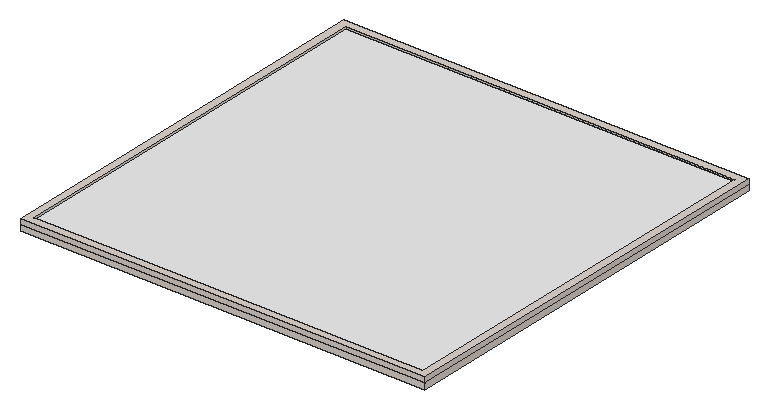
Revit family "SKY LED FLAT PANEL", category Lighting Fixtures, host Face, Revit 2020 (continued)
Types (13): name | Wattage | WATTS | built-in parameter 1150134 | Replaces/Equiv.(MH) | Photometric Web File | Order number | built-in parameter 1150142 | Model | built-in parameter 1150105 | Lumens | built-in parameter 1150107 | built-in parameter 1150106 | Fixture Width | Fixture Length | Default Elevation | Apparent Load
        2.04     2.11     2.18     2.25     2.33     2.42     2.51     2.59     2.68     \r\n 2.77     2.85     2.93     3.02     3.10     3.18     3.25     3.32     3.39     3.45     \r\n 3.51     3.57     3.63     3.68     3.73     3.79     3.83     3.88     3.92     3.97     \r\n 4.02     4.05     4.10     4.14     4.18     4.22     4.26     4.30     4.33     4.37     \r\n 4.42     4.46     4.50     4.54     4.59     4.63     4.66     4.71     4.76     4.80     \r\n 4.83     4.88     4.92     4.96     5.00     5.05     5.09     5.13     5.19     5.23     \r\n 5.28     5.32     5.35     5.39     5.43     5.47     5.49     5.53     5.55     5.57     \r\n 5.59     5.61     5.62     5.63     5.63     5.64     5.66     5.66     5.67     5.67     \r\n 5.71     \r\n1317.43  1317.22  1316.01  1315.43  1314.40  1310.81  1308.16  1303.05  1299.20  1294.90  \r\n 1289.65  1284.28  1278.82  1272.79  1266.28  1260.59  1252.87  1243.60  1235.80  1226.71  \r\n 1218.17  1207.34  1198.04  1188.77  1178.72  1166.34  1155.40  1142.81  1129.54  1118.40  \r\n 1102.91  1091.94  1076.17  1062.99  1048.22  1032.61  1018.17  1003.02  987.23   972.00   \r\n 954.17   937.86   919.68   903.06   884.90   867.55   849.60   830.89   813.10   792.92   \r\n 773.69   753.62   734.72   714.44   694.94   674.96   652.95   632.16   611.90   590.16   \r\n 569.94   548.66   526.48   504.77   483.83   461.66   440.31   418.56   397.41   375.11   \r\n 354.36   332.82   311.29   289.81   269.47   248.55   228.16   208.08   188.12   168.63   \r\n 149.86   131.10   112.57   94.75    77.47    61.21    44.60    28.95    13.06    2.59     \r\n 1.17     1.18     1.24     1.33     1.46     1.57     1.63     1.67     1.72     1.80     \r\n 1.89     1.98     2.06     2.16     2.25     2.34     2.43     2.52     2.61     2.69     \r\n 2.78     2.87     2.95     3.04     3.13     3.21     3.28     3.35     3.42     3.49     \r\n 3.54     3.60     3.66     3.71     3.76     3.81     3.86     3.91     3.95     4.00     \r\n 4.04     4.08     4.12     4.17     4.21     4.25     4.29     4.33     4.37     4.42     \r\n 4.45     4.49     4.53     4.58     4.62     4.65     4.69     4.73     4.77     4.81     \r\n 4.84     4.89     4.93     4.97     5.01     5.05     5.10     5.14     5.19     5.23     \r\n 5.28     5.33     5.37     5.41     5.44     5.47     5.48     5.50     5.52     5.53     \r\n 5.54     5.56     5.58     5.59     5.61     5.62     5.63     5.63     5.65     5.66     \r\n 5.71     \r\n1317.43  1315.73  1313.00  1312.61  1310.23  1308.76  1306.17  1303.48  1299.41  1293.51  \r\n 1290.82  1283.20  1278.84  1272.78  1265.05  1257.24  1250.69  1243.22  1235.08  1225.94  \r\n 1217.68  1208.36  1199.19  1188.67  1178.12  1165.39  1154.02  1142.77  1129.90  1117.09  \r\n 1104.53  1091.59  1076.74  1064.14  1049.42  1035.79  1021.04  1004.58  987.17   972.65   \r\n 955.02   938.78   922.67   905.57   887.30   868.62   851.94   832.94   813.04   794.95   \r\n 775.80   756.37   735.62   716.02   696.78   676.59   655.81   633.96   613.29   592.93   \r\n 570.90   550.21   529.36   506.84   486.60   463.70   441.92   420.46   399.43   378.09   \r\n 355.70   335.22   313.33   292.63   271.48   251.34   230.72   210.54   190.91   171.40   \r\n 152.45   133.51   115.51   97.65    80.28    63.19    46.57    29.88    14.39    2.78     \r\n 0.91     0.95     1.02     1.09     1.17     1.24     1.31     1.39     1.47     1.55     \r\n 1.63     1.71     1.79     1.88     1.96     2.04     2.13     2.21     2.30     2.38     \r\n 2.46     2.55     2.62     2.71     2.79     2.87     2.95     3.02     3.08     3.15     \r\n 3.20     3.26     3.32     3.37     3.42     3.48     3.54     3.59     3.64     3.70     \r\n 3.75     3.80     3.85     3.90     3.95     3.99     4.05     4.10     4.15     4.20     \r\n 4.25     4.30     4.34     4.39     4.45     4.50     4.55     4.60     4.65     4.71     \r\n 4.76     4.81     4.85     4.91     4.96     5.00     5.04     5.09     5.14     5.19     \r\n 5.24     5.29     5.34     5.37     5.40     5.42     5.45     5.49     5.52     5.56     \r\n 5.57     5.61     5.63     5.65     5.67     5.69     5.71     5.72     5.74     5.75     \r\n 5.71     \r\n1317.43  1314.68  1316.27  1313.65  1310.98  1310.14  1304.76  1302.40  1300.06  1294.98  \r\n 1288.45  1283.10  1277.95  1271.12  1262.89  1256.81  1251.66  1243.30  1234.36  1224.93  \r\n 1214.76  1207.32  1196.13  1186.19  1175.34  1164.10  1151.15  1141.33  1126.57  1114.07  \r\n 1100.72  1088.40  1074.13  1061.07  1045.27  1031.43  1017.08  1000.27  984.96   967.98   \r\n 950.92   934.87   917.52   901.11   882.79   865.31   847.10   827.19   808.68   790.54   \r\n 770.59   750.67   730.69   711.24   690.46   670.44   650.78   628.59   608.69   586.66   \r\n 566.07   544.19   522.72   500.70   479.65   457.48   437.06   414.93   392.93   371.78   \r\n 350.24   329.24   307.54   286.96   265.39   245.24   224.84   205.25   185.33   165.87   \r\n 146.84   128.05   109.97   92.30    74.65    58.36    41.51    25.54    11.03    1.53     \r\n 1.03     1.00     1.05     1.11     1.19     1.26     1.34     1.42     1.50     1.58     \r\n 1.65     1.74     1.82     1.90     1.98     2.07     2.15     2.23     2.31     2.40     \r\n 2.48     2.56     2.64     2.72     2.80     2.88     2.95     3.02     3.09     3.15     \r\n 3.21     3.27     3.31     3.37     3.42     3.48     3.52     3.58     3.63     3.68     \r\n 3.73     3.78     3.83     3.88     3.93     3.98     4.03     4.08     4.13     4.18     \r\n 4.23     4.28     4.32     4.37     4.43     4.47     4.53     4.58     4.62     4.68     \r\n 4.73     4.78     4.83     4.86     4.92     4.96     5.01     5.05     5.10     5.14     \r\n 5.18     5.22     5.27     5.31     5.33     5.36     5.39     5.41     5.42     5.45     \r\n 5.47     5.49     5.51     5.53     5.56     5.57     5.60     5.62     5.64     5.66     \r\n 5.71     \r\n1317.43  1319.10  1317.60  1317.65  1314.34  1310.72  1308.95  1303.83  1302.71  1297.22  \r\n 1289.60  1287.22  1280.95  1274.36  1267.43  1260.60  1253.12  1244.49  1235.95  1228.29  \r\n 1218.54  1207.08  1197.16  1187.68  1175.87  1166.56  1153.13  1142.70  1130.57  1115.10  \r\n 1103.38  1089.63  1075.60  1061.92  1046.64  1032.92  1016.51  1000.02  984.74   969.16   \r\n 952.57   935.75   917.77   901.78   883.12   866.16   847.80   829.13   810.26   790.49   \r\n 771.00   751.40   730.93   710.53   691.83   670.48   649.78   628.07   608.13   586.63   \r\n 565.93   543.74   522.59   501.05   479.41   457.95   435.47   414.93   393.06   371.90   \r\n 349.67   328.97   307.36   286.79   265.63   245.07   224.32   204.78   184.87   165.54   \r\n 146.57   127.61   109.82   91.85    74.43    57.19    40.58    24.82    11.20    1.73     \r\n 1.08     1.08     1.08     1.13     1.19     1.27     1.34     1.41     1.49     1.57     \r\n 1.65     1.73     1.82     1.89     1.97     2.05     2.14     2.22     2.30     2.38     \r\n 2.46     2.54     2.63     2.71     2.78     2.86     2.93     3.00     3.06     3.13     \r\n 3.19     3.24     3.30     3.35     3.40     3.46     3.51     3.56     3.60     3.66     \r\n 3.71     3.75     3.80     3.85     3.90     3.95     4.00     4.04     4.09     4.14     \r\n 4.19     4.24     4.29     4.34     4.39     4.44     4.49     4.55     4.60     4.65     \r\n 4.71     4.77     4.82     4.87     4.91     4.96     5.01     5.07     5.10     5.16     \r\n 5.19     5.24     5.28     5.31     5.35     5.38     5.41     5.45     5.48     5.50     \r\n 5.51     5.52     5.54     5.55     5.56     5.58     5.59     5.60     5.62     5.63     \r\n 5.71     \r\n1317.43  1316.73  1313.35  1314.77  1310.87  1308.42  1304.90  1301.73  1296.68  1292.53  \r\n 1288.90  1281.17  1275.67  1269.87  1262.59  1255.99  1248.65  1240.31  1232.99  1222.97  \r\n 1214.75  1204.82  1191.08  1181.70  1171.92  1160.16  1148.88  1136.56  1121.82  1109.68  \r\n 1097.86  1083.88  1070.30  1054.46  1040.75  1024.88  1011.06  993.65   978.80   961.61   \r\n 946.03   928.73   910.35   893.76   875.59   858.81   840.03   819.42   801.61   782.02   \r\n 762.24   742.99   723.88   703.66   683.83   663.55   643.54   620.63   601.43   578.47   \r\n 558.40   536.14   514.82   493.68   472.42   450.73   430.07   407.67   386.06   364.56   \r\n 343.55   321.84   301.25   280.07   259.11   239.14   218.35   198.51   178.76   159.85   \r\n 140.74   122.20   104.19   86.64    69.80    52.96    36.21    21.53    9.04     1.24     \r\n 1.10     1.09     1.13     1.16     1.21     1.28     1.36     1.43     1.51     1.58     \r\n 1.66     1.74     1.82     1.90     1.98     2.06     2.15     2.23     2.31     2.39     \r\n 2.47     2.54     2.63     2.70     2.77     2.84     2.91     2.98     3.04     3.11     \r\n 3.16     3.22     3.27     3.33     3.39     3.43     3.48     3.53     3.59     3.63     \r\n 3.68     3.73     3.78     3.81     3.87     3.91     3.96     4.01     4.06     4.11     \r\n 4.15     4.20     4.25     4.30     4.36     4.41     4.46     4.52     4.56     4.63     \r\n 4.69     4.75     4.80     4.86     4.91     4.97     5.03     5.08     5.13     5.17     \r\n 5.21     5.25     5.29     5.32     5.36     5.39     5.43     5.46     5.50     5.52     \r\n 5.54     5.57     5.60     5.62     5.63     5.65     5.66     5.66     5.66     5.67     \r\n 5.71     \r\n1317.43  1315.83  1317.24  1315.83  1311.23  1310.72  1304.42  1303.05  1299.24  1295.29  \r\n 1288.85  1282.40  1276.44  1271.06  1264.60  1256.19  1250.01  1240.76  1232.11  1221.04  \r\n 1213.17  1202.33  1191.98  1183.47  1172.02  1159.70  1147.50  1135.28  1122.97  1109.71  \r\n 1096.87  1083.56  1068.68  1051.98  1038.64  1023.26  1009.13  992.72   977.07   960.02   \r\n 944.71   928.13   909.91   893.26   874.70   857.17   838.86   820.03   800.32   781.57   \r\n 763.05   742.98   722.46   701.96   682.78   662.95   642.18   620.42   600.25   578.21   \r\n 557.91   536.75   515.26   492.99   472.86   450.52   429.28   407.51   385.73   364.97   \r\n 342.90   322.11   301.00   280.05   258.84   239.13   218.44   199.11   179.23   159.83   \r\n 141.15   122.47   104.72   86.84    69.92    53.15    36.90    22.11    10.22    1.52     \r\n 1.02     1.06     1.10     1.17     1.23     1.28     1.35     1.42     1.49     1.57     \r\n 1.64     1.72     1.80     1.88     1.96     2.04     2.13     2.21     2.29     2.37     \r\n 2.45     2.53     2.61     2.69     2.76     2.83     2.89     2.96     3.03     3.09     \r\n 3.15     3.21     3.26     3.32     3.36     3.42     3.47     3.52     3.57     3.62     \r\n 3.67     3.71     3.76     3.81     3.85     3.90     3.95     3.99     4.04     4.09     \r\n 4.14     4.18     4.24     4.28     4.34     4.39     4.44     4.50     4.55     4.60     \r\n 4.66     4.72     4.77     4.83     4.89     4.95     5.01     5.06     5.11     5.16     \r\n 5.20     5.24     5.28     5.31     5.35     5.39     5.42     5.46     5.49     5.52     \r\n 5.54     5.57     5.60     5.62     5.64     5.67     5.69     5.71     5.71     5.73     \r\n 5.71     \r\n1317.43  1315.66  1315.23  1314.42  1311.72  1309.44  1304.22  1300.27  1295.89  1290.86  \r\n 1287.32  1279.68  1274.57  1268.89  1260.56  1252.50  1247.97  1238.25  1229.96  1220.33  \r\n 1210.58  1200.49  1188.12  1179.12  1168.09  1155.46  1144.35  1132.75  1119.15  1103.92  \r\n 1090.02  1079.02  1062.60  1049.89  1034.54  1019.97  1003.42  987.44   971.54   954.38   \r\n 939.62   922.65   904.50   886.45   868.27   851.34   832.26   814.09   794.29   774.79   \r\n 756.00   737.53   716.77   697.46   676.97   656.18   635.35   615.42   594.98   572.92   \r\n 553.03   530.84   509.48   488.02   466.69   446.01   424.22   401.57   381.42   359.88   \r\n 338.71   317.38   296.08   275.43   254.83   234.12   214.54   194.62   175.23   156.05   \r\n 137.34   118.92   101.13   83.63    67.19    50.75    34.45    20.49    8.96     1.26     \r\n 0.98     1.04     1.10     1.17     1.24     1.30     1.36     1.42     1.50     1.57     \r\n 1.65     1.73     1.81     1.89     1.97     2.05     2.14     2.22     2.30     2.39     \r\n 2.46     2.54     2.61     2.69     2.76     2.83     2.89     2.96     3.02     3.08     \r\n 3.14     3.19     3.25     3.31     3.36     3.41     3.47     3.52     3.57     3.62     \r\n 3.67     3.72     3.77     3.81     3.86     3.90     3.95     3.99     4.05     4.09     \r\n 4.14     4.18     4.23     4.28     4.33     4.39     4.43     4.49     4.54     4.59     \r\n 4.66     4.71     4.77     4.83     4.88     4.94     5.00     5.05     5.09     5.15     \r\n 5.19     5.23     5.27     5.31     5.35     5.38     5.41     5.43     5.46     5.49     \r\n 5.52     5.54     5.56     5.60     5.62     5.65     5.67     5.69     5.71     5.72     \r\n 5.71     \r\n1317.43  1315.28  1316.92  1312.06  1311.94  1308.63  1305.48  1301.75  1298.31  1292.84  \r\n 1286.99  1281.90  1275.94  1269.98  1261.84  1255.35  1245.47  1238.41  1229.27  1220.47  \r\n 1212.18  1201.47  1190.31  1178.58  1168.45  1155.65  1144.92  1132.56  1118.95  1104.59  \r\n 1092.76  1078.59  1064.76  1049.55  1034.57  1019.63  1003.45  988.19   972.68   955.18   \r\n 939.77   922.37   904.06   886.82   870.30   851.72   833.51   815.06   795.72   777.16   \r\n 756.07   738.00   718.33   697.84   678.64   657.90   636.36   616.14   595.43   574.60   \r\n 553.53   532.47   511.70   489.80   468.83   447.36   426.50   403.93   382.95   361.68   \r\n 339.94   319.05   297.57   277.44   256.16   236.70   216.02   196.81   177.26   158.00   \r\n 139.50   121.01   103.46   85.95    69.21    52.75    37.26    22.44    11.00    2.03     \r\n 1.01     1.03     1.09     1.15     1.22     1.28     1.34     1.41     1.47     1.54     \r\n 1.62     1.70     1.78     1.86     1.95     2.03     2.11     2.19     2.28     2.36     \r\n 2.43     2.51     2.59     2.66     2.73     2.80     2.87     2.93     3.00     3.06     \r\n 3.11     3.17     3.23     3.28     3.33     3.39     3.44     3.49     3.55     3.60     \r\n 3.65     3.69     3.74     3.79     3.84     3.89     3.93     3.98     4.03     4.07     \r\n 4.12     4.17     4.22     4.27     4.32     4.38     4.43     4.48     4.53     4.59     \r\n 4.65     4.70     4.76     4.81     4.87     4.93     4.99     5.04     5.08     5.13     \r\n 5.17     5.21     5.25     5.30     5.33     5.36     5.40     5.43     5.47     5.49     \r\n 5.51     5.53     5.55     5.57     5.59     5.61     5.64     5.65     5.68     5.69     \r\n 5.71     \r\n1317.43  1317.58  1316.22  1313.55  1311.95  1310.25  1305.45  1300.56  1297.11  1293.11  \r\n 1286.16  1282.74  1273.86  1269.89  1262.28  1255.16  1244.42  1238.28  1229.07  1219.50  \r\n 1209.83  1200.11  1188.39  1177.70  1167.24  1153.82  1142.76  1130.73  1117.62  1106.05  \r\n 1090.26  1076.68  1062.32  1047.87  1031.32  1016.69  1002.42  986.32   970.04   953.11   \r\n 936.83   919.74   902.07   885.45   866.50   848.95   830.28   811.25   792.51   772.98   \r\n 753.97   734.42   715.25   694.15   675.66   655.11   635.45   613.31   593.17   572.37   \r\n 551.45   529.75   509.09   486.82   466.78   444.61   423.90   401.64   380.91   359.44   \r\n 338.21   317.16   296.45   275.93   254.83   234.92   214.39   194.80   175.71   156.47   \r\n 137.84   119.88   102.12   85.11    68.91    52.73    36.92    22.93    10.84    1.94     \r\n 1.03     1.03     1.07     1.13     1.20     1.27     1.34     1.41     1.48     1.55     \r\n 1.63     1.71     1.79     1.87     1.95     2.04     2.12     2.20     2.28     2.36     \r\n 2.43     2.51     2.58     2.65     2.73     2.80     2.86     2.93     2.99     3.05     \r\n 3.11     3.17     3.22     3.27     3.32     3.38     3.43     3.48     3.53     3.58     \r\n 3.63     3.68     3.72     3.77     3.82     3.87     3.91     3.96     4.01     4.06     \r\n 4.10     4.15     4.20     4.25     4.31     4.36     4.41     4.47     4.52     4.59     \r\n 4.64     4.71     4.76     4.82     4.88     4.94     5.01     5.05     5.11     5.15     \r\n 5.20     5.24     5.27     5.31     5.35     5.39     5.42     5.45     5.48     5.52     \r\n 5.55     5.57     5.59     5.61     5.62     5.63     5.65     5.66     5.67     5.68     \r\n 5.71     \r\n1317.43  1318.26  1317.42  1314.32  1312.36  1311.81  1309.17  1303.91  1300.30  1293
